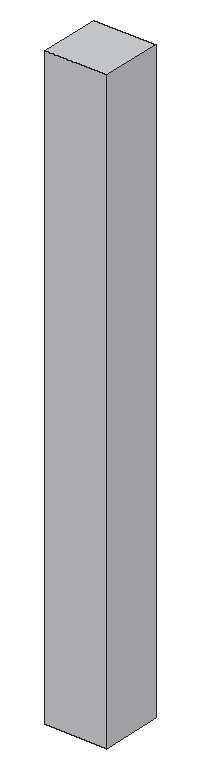
Revit family "Column", category Structural Columns, Revit 2026
Family settings
  Section Shape = Not Defined
  Material for Model Behavior = Other
  Always export as geometry = No
  Beam cutback in plan = From bounding box
  Classification Number = 23.25.30.11.14.11
  Cut with Voids When Loaded = No
  Symbolic Representation = From Family
  Shared = No
  Show family pre-cut in plan views = Yes
Parameters (values of type "240x240")
  Structural Material [instance] = Concrete, Cast-in-Place - C35
  Height [instance] = 2450 mm
  Depth = 250 mm
  Width = 250 mm
Types (13, lengths in mm): name | Height | Depth | Width
  200x200 | 4000 | 200 | 200
  360x200 | 3500 | 200 | 360
  200x1090 | 4000 | 200 | 1090
  200x760 | 3500 | 200 | 760
  200x380 | 3500 | 200 | 380
  200x300 | 4000 | 200 | 300
  200x580 | 4000 | 200 | 580
  200x640 | 4000 | 200 | 640
  250x250 | 4000 | 250 | 250
  330x360 | 4000 | 360 | 330
  200x360 | 4000 | 360 | 200
  200x240 | 5160 | 240 | 200
  240x240 | 2450 | 250 | 250
Reference planes
  plane 1 "Center (Front/Back)": y = 0
  plane 2: z = 0
  plane 3 "Center (Left/Right)": x = 0
  plane 4 "Left": x = -250
  plane 5 "Right": x = 250
  plane 6 "Back": y = 250
  plane 7 "Front": y = -250
Forms (mm)
  Extrusion 1, solid
    sketch origin (0, 0, 0) x (1, 0, 0) y (0, 1, 0)
      loop
        line (-150, 150) -> (-150, -100) -> (100, -100) -> (100, 150) -> (-150, 150)
    from 0 to 2450
Dimensions and locks
  equal spacing: plane 4 "Left", plane 3 "Center (Left/Right)", plane 5 "Right"
  equal spacing: plane 7 "Front", plane 1 "Center (Front/Back)", plane 6 "Back"
  "Width": Extrusion 1 to Extrusion 1
  "Depth": Extrusion 1 to Extrusion 1
  "Height": Extrusion 1 to Extrusion 1
  aligned and locked: level to plane 2
Automatic sketch dimensions
  Extrusion 1 sketch curve to plane 3 "Center (Left/Right)" = 150 mm
  plane 3 "Center (Left/Right)" to Extrusion 1 sketch curve = 100 mm
  plane 1 "Center (Front/Back)" to Extrusion 1 sketch curve = 100 mm
  Extrusion 1 sketch curve to plane 1 "Center (Front/Back)" = 150 mm
